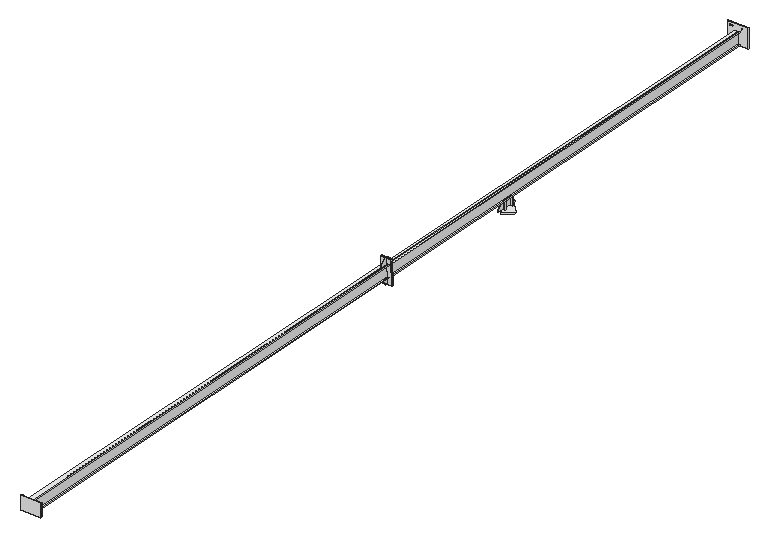
Revit family "STC_A3-Rafter-Type-H", category Structural Framing, Revit 2016
Family settings
  Section Shape = Not Defined
  Material for Model Behavior = Other
  Always export as geometry = No
  Work Plane-Based = No
  Always vertical = Yes
  Cut with Voids When Loaded = No
  Symbolic Representation = From Family
  Shared = No
  Show family pre-cut in plan views = Yes
Reference planes
  plane 1 "Center (Front/Back)": y = 0
  plane 2: z = 0
  plane 3 "Center (Left/Right)": x = 0
Forms (mm)
  Extrusion 1, solid, material "Metal - Steel"
    sketch origin (0, 0, 0) x (0, 1, 0) y (0, 0, 1)
      loop
        line (15, 349.709) -> (15, 659.709) -> (5, 659.709) -> (5, 349.709) -> (15, 349.709)
      loop
        line (-14956.746, 30.22) -> (-14966.746, 30.22) -> (-14966.746, -189.78) -> (-14956.746, -189.78) -> (-14956.746, 30.22)
    from -170 to 170
  Extrusion 2, void
    sketch origin (0, 0, 110.206) x (1, 0, 0) y (0, 0, 1)
      loop
        line (124, 509.794) -> (76, 509.794)
        arc (76, 509.794) -> (65, 498.794) -> (76, 487.794) r 11
        line (76, 487.794) -> (124, 487.794)
        arc (124, 487.794) -> (135, 498.794) -> (124, 509.794) r 11
      loop
        arc (-124, 509.794) -> (-135, 498.794) -> (-124, 487.794) r 11
        line (-124, 487.794) -> (-76, 487.794)
        arc (-76, 487.794) -> (-65, 498.794) -> (-76, 509.794) r 11
        line (-76, 509.794) -> (-124, 509.794)
    from -15 to -5
  Extrusion 3, solid, material "Metal - Steel"
    sketch origin (0, -931.325, -5.944) x (0, 1, 0) y (0, 0, 1)
      loop
        line (-6506.328, 394.66) -> (-6492.136, -5.088) -> (-6482.142, -4.733) -> (-6496.335, 395.015) -> (-6506.328, 394.66)
    from -90 to 90
  Extrusion 4, solid, material "Metal - Steel"
    sketch origin (0, 0, 0) x (0, 1, 0) y (0, 0, 1)
      loop
        line (-7447.647, 388.362) -> (-7467.635, 387.652) -> (-7544.802, 306.463) -> (-7544.093, 286.476) -> (-7444.156, 290.024) -> (-7447.647, 388.362)
      loop
        line (-7427.66, 389.071) -> (-7424.168, 290.733) -> (-7324.231, 294.282) -> (-7324.941, 314.269) -> (-7407.672, 389.781) -> (-7427.66, 389.071)
      loop
        line (-7433.455, -11.386) -> (-7436.946, 86.952) -> (-7536.883, 83.404) -> (-7536.173, 63.416) -> (-7453.442, -12.096) -> (-7433.455, -11.386)
      loop
        line (-7413.467, -10.677) -> (-7393.48, -9.967) -> (-7316.312, 71.222) -> (-7317.021, 91.21) -> (-7416.959, 87.661) -> (-7413.467, -10.677)
      loop
        line (-4722.928, 60) -> (-4792.928, 140) -> (-4812.928, 140) -> (-4812.928, 40) -> (-4722.928, 40) -> (-4722.928, 60)
      loop
        line (-4972.928, 140) -> (-4992.928, 140) -> (-5062.928, 60) -> (-5062.928, 40) -> (-4972.928, 40) -> (-4972.928, 140)
    from -5 to 5
  Extrusion 5, solid, material "Metal - Steel"
    sketch origin (0, 0, 0) x (0, 1, 0) y (0, 0, 1)
      loop
        line (5, 554.497) -> (-7424.168, 290.733) -> (-7423.892, 282.938) -> (5, 546.692) -> (5, 554.497)
      loop
        line (5, 358.974) -> (-7417.235, 95.456) -> (-7416.959, 87.661) -> (5, 351.169) -> (5, 358.974)
      loop
        line (-14956.746, 23.299) -> (-14956.746, 15.494) -> (-7443.879, 282.229) -> (-7444.156, 290.024) -> (-14956.746, 23.299)
      loop
        line (-14956.746, -172.224) -> (-14956.746, -180.029) -> (-7436.946, 86.952) -> (-7437.223, 94.747) -> (-14956.746, -172.224)
    from -41 to 41
  Extrusion 6, solid, material "Metal - Steel"
    sketch origin (0, 0, 0) x (0, 1, 0) y (0, 0, 1)
      loop
        line (-7423.892, 282.938) -> (-7417.235, 95.456) -> (5, 358.974) -> (5, 546.692) -> (-7423.892, 282.938)
      loop
        line (-7443.879, 282.229) -> (-14956.746, 15.493) -> (-14956.746, -172.225) -> (-7437.223, 94.747) -> (-7443.879, 282.229)
      loop
        line (-4965.528, 174.696) -> (-4965.528, 40) -> (-4820.328, 40) -> (-4820.328, 179.852) -> (-4965.528, 174.696)
    from -2.5 to 2.5
  Extrusion 7, solid, material "Metal - Steel"
    sketch origin (0, 0, 0) x (0, 1, 0) y (0, 0, 1)
      loop
        line (-4812.928, 40) -> (-4812.928, 180.114) -> (-4820.328, 179.852) -> (-4820.328, 40) -> (-4812.928, 40)
      loop
        line (-4972.928, 40) -> (-4965.528, 40) -> (-4965.528, 174.696) -> (-4972.928, 174.434) -> (-4972.928, 40)
    from -41 to 41
  Extrusion 8, solid, material "Metal - Steel"
    sketch origin (3459.822, -8352.75, 0) x (0.707107, -0.707107, 0) y (0, 0, 1)
      loop
        line (-4722.928, 30) -> (-4722.928, 40) -> (-5062.928, 40) -> (-5062.928, 30) -> (-4722.928, 30)
    from -100 to 100
  Extrusion 9, solid, material "Metal - Steel"
    sketch origin (0, -10, 0) x (0, 1, 0) y (0, 0, 1)
      loop
        line (-14956.746, 30.22) -> (-14966.746, 30.22) -> (-14966.746, -189.78) -> (-14956.746, -189.78) -> (-14956.746, 30.22)
    from -170 to 170
  Extrusion 10, solid, material "Metal - Steel"
    sketch origin (0, -941.319, -6.299) x (0, 1, 0) y (0, 0, 1)
      loop
        line (-6506.328, 394.66) -> (-6492.136, -5.088) -> (-6482.142, -4.733) -> (-6496.335, 395.015) -> (-6506.328, 394.66)
    from -90 to 90
Cuts and joins
  Extrusion 2 cuts Extrusion 1
